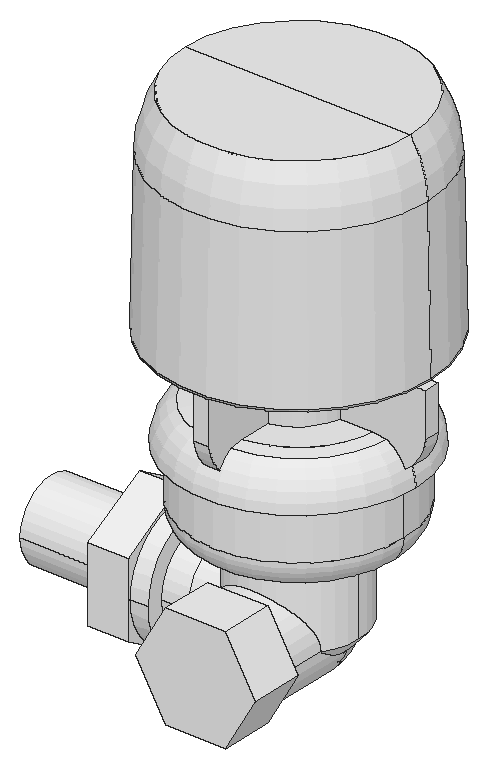
Revit family "RA-IN_Double Angle_Right_DN10-15_Aveo_RFA", category Pipe Accessories, Revit 2019 (continued)
Definition of nested family "Schematic_TRV_Sensor_Angle Right"
  Dimensions and locks
    "HT": plane 1 "Center (Front/Back)" to plane 27
    "HA": plane 28 to plane 27
    "HA_1": plane 28 to plane 29
    "HA_2": plane 28 to plane 30
    plane 10 to plane 11 = 15.00 mm
    plane 10 to plane 13 = 2.778 mm
    plane 14 to plane 11 = 2.778 mm
    aligned and locked: level to plane 2
    aligned and locked: curve 2 to plane 6
    aligned and locked: plane 10 to curve 3
    aligned and locked: curve 5 to plane 11
    aligned and locked: curve 6 to level
    aligned and locked: plane 18 to curve 4
    aligned and locked: curve 1 to plane 3 "Center (Left/Right)"
    aligned and locked: plane 6 to curve 1
    aligned and locked: curve 7 to plane 12
    aligned and locked: plane 13 to curve 7
    aligned and locked: plane 14 to curve 7
    aligned and locked: plane 3 "Center (Left/Right)" to curve 8
    aligned and locked: plane 15 to curve 8
    aligned and locked: plane 12 to curve 8
    aligned and locked: plane 19 to curve 10
    aligned and locked: plane 5 to curve 11
    aligned and locked: plane 4 to curve 9
    aligned and locked: plane 7 to curve 6
    aligned and locked: plane 19 to curve 6
    aligned and locked: plane 20 to curve 12
    aligned and locked: plane 22 to curve 12
    aligned and locked: plane 21 to curve 12
    aligned and locked: curve 15 to level
    aligned and locked: plane 23 to curve 15
    aligned and locked: plane 20 to curve 15
    aligned and locked: plane 7 to curve 19
    aligned and locked: plane 19 to curve 19
    aligned and locked: plane 19 to curve 17
    aligned and locked: plane 8 to curve 17
    aligned and locked: plane 9 to curve 17
    aligned and locked: plane 23 to curve 23
    aligned and locked: plane 20 to curve 23
  Automatic sketch dimensions
    curve 14 to level = 0.00 mm
    curve 14 to plane 1 "Center (Front/Back)" = 0.00 mm
    curve 22 to plane 25 = 0.00 mm
    curve 23 to plane 3 "Center (Left/Right)" = 0.00 mm
    curve 21 to plane 26 = 0.00 mm
    plane 1 "Center (Front/Back)" to curve 19 = 0.00 mm
    curve 28 to plane 13 = 0.00 mm
    curve 28 to plane 14 = 0.00 mm
    curve 28 to plane 29 = 0.00 mm
    curve 29 to plane 3 "Center (Left/Right)" = 0.00 mm
    curve 29 to plane 30 = 0.00 mm
    curve 25 to plane 10 = 0.00 mm
    curve 26 to plane 11 = 0.00 mm
    curve 27 to plane 27 = 0.00 mm
    curve 29 to plane 29 = 0.00 mm
    curve 24 to plane 28 = 0.00 mm
    curve 9 to level = 0.00 mm
    plane 1 "Center (Front/Back)" to curve 30 = 0.00 mm
    curve 30 to plane 3 "Center (Left/Right)" = 0.00 mm
Types (2, lengths in mm): name | Weight | W | R_200_1 | R_200 | RV2 | RV3 | RV4 | RV1_1 | RB2 | RB | Model Type | Model | L_nut thread2 | L_nut thread1 | L6 | L5 | L1 | L4 | SL | LL | L | Kvs | RV1 | RB3 | H | D
  RA-IN_Double Angle_Right_DN10_013G6571 | 0.23 kg | 55.00 | 15.50 | 12.70 | 10.00 | 13.30 | 8.30 | 10.00 | 10.50 | 12.80 | "RA-IN_Double Angle_Right_DN10" | "013G6571" | 27.00 | 22.00 | 16.00 | 27.00 | 15.00 | 8.50 | 33.50 | 52.00 | 80.00 | 0.65 m³/h | 10.50 | 10.50 | 114.50 | 10.00
  RA-IN_Double Angle_Right_DN15_013G6573 | 0.30 kg | 61.00 | 17.321 | 15.50 | 11.50 | 14.80 | 10.50 | 11.50 | 13.00 | 15.50 | "RA-IN_Double Angle_Right_DN15" | "013G6573" | 30.00 | 27.00 | 17.00 | 33.00 | 17.00 | 10.00 | 37.00 | 58.00 | 86.00 | 0.9 m³/h | 13.00 | 1.00 | 116.321 | 15.00
